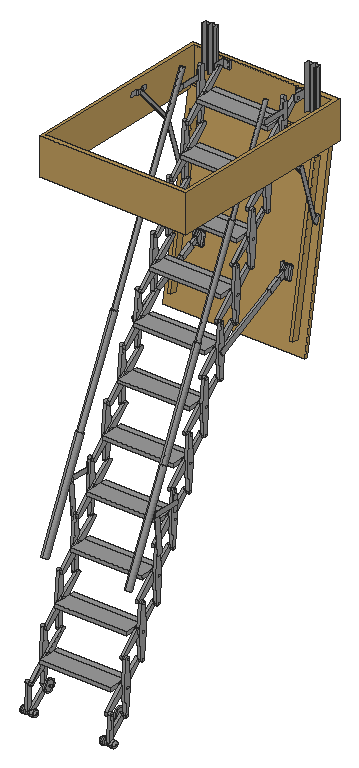
Revit family "schaartrap_XL 1000x1300mm ", category Generic Models, Revit 2019
Family settings
  Can host rebar = No
  Round Connector Dimension = Use Diameter
  Part Type = Normal
  Work Plane-Based = Yes
  Always vertical = Yes
  Cut with Voids When Loaded = No
  Shared = Yes
  Room Calculation Point = No
Parameters
  schaartrap = gietaluminium
  deksel = hout
  bovenliggende treden = yes
  URL = "https://www.gortergroup.com/nl/producten/ladders-en-trappen/schaartrappen/xl.html"
  Model = "XL 1000x1300mm"  # constant formula
  Default Elevation = 0 mm
Reference planes
  plane 1 "Center (Front/Back)": y = 0
  plane 2: z = 0
  plane 3 "Center (Left/Right)": x = 0
  plane 4: x = 246.5
  plane 5: x = -246.5
  plane 6: x = 266.5
  plane 7: x = 286.5
  plane 8: x = -266.5
  plane 9: x = -286.5
  plane 10: z = 3000.001
  plane 11: x = 342.5
  plane 12: x = -342.5
  plane 13: through (0, 138.969, 1377.523) normal (0, 0.9283, -0.3718)
  plane 14: x = 317.5
  plane 15: x = -317.5
  plane 16: x = 187
  plane 17: z = 3135.001
  plane 18: z = 3165.001
  plane 19: z = 3150.001
  plane 20: z = 3220.001
  plane 21: through (0, 138.969, 1377.523) normal (0, 0.9283, -0.3719)
  plane 22 "bk. omtimmering": z = 3250.004
  plane 23: x = 493.5
  plane 24: x = -493.5
  plane 25: x = 475
  plane 26: x = -475
  plane 27: through (63.5, 168.304, 876.399) normal (0, 0.9043, -0.4268)
  plane 28: through (-63.5, 168.304, 876.399) normal (0, -0.9043, 0.4268)
  plane 29: y = 1680.311
  plane 30: y = 390.311
  plane 31 "traplijn": through (0, 1396.149, 3118.536) normal (0, -0.9043, 0.4268)
Forms (mm)
  Extrusion 1, solid, material "gietaluminium" <- "schaartrap", not visible
    sketch origin (0, -403.664, 0) x (0, 1, 0) y (0, 0, 1)
      loop
        arc (1549.44, 902.632) -> (1535.071, 900.548) -> (1535.286, 886.03) r 11
        arc (1535.286, 886.03) -> (1600.032, 819.327) -> (1669.28, 757.308) r 1330.136
        arc (1669.28, 757.308) -> (1731.334, 708.571) -> (1796.17, 663.6) r 1330.136
        arc (1796.17, 663.6) -> (1810.539, 665.683) -> (1810.324, 680.201) r 11
        arc (1810.324, 680.201) -> (1746.045, 746.455) -> (1677.326, 808.091) r 1330.136
        arc (1677.326, 808.091) -> (1614.797, 857.275) -> (1549.44, 902.632) r 1330.136
      loop
        arc (1417.172, 1182.903) -> (1402.803, 1180.819) -> (1403.018, 1166.301) r 11
        arc (1403.018, 1166.301) -> (1467.764, 1099.597) -> (1537.012, 1037.579) r 1330.136
        arc (1537.012, 1037.579) -> (1599.067, 988.842) -> (1663.902, 943.87) r 1330.136
        arc (1663.902, 943.87) -> (1678.271, 945.954) -> (1678.056, 960.472) r 11
        arc (1678.056, 960.472) -> (1613.777, 1026.726) -> (1545.058, 1088.362) r 1330.136
        arc (1545.058, 1088.362) -> (1482.529, 1137.545) -> (1417.172, 1182.903) r 1330.136
      loop
        arc (1284.904, 1463.173) -> (1270.535, 1461.09) -> (1270.75, 1446.572) r 11
        arc (1270.75, 1446.572) -> (1335.496, 1379.868) -> (1404.744, 1317.85) r 1330.136
        arc (1404.744, 1317.85) -> (1466.799, 1269.113) -> (1531.634, 1224.141) r 1330.136
        arc (1531.634, 1224.141) -> (1546.003, 1226.225) -> (1545.788, 1240.743) r 11
        arc (1545.788, 1240.743) -> (1481.509, 1306.997) -> (1412.79, 1368.633) r 1330.136
        arc (1412.79, 1368.633) -> (1350.261, 1417.816) -> (1284.904, 1463.173) r 1330.136
      loop
        arc (1152.636, 1743.444) -> (1138.267, 1741.36) -> (1138.482, 1726.843) r 11
        arc (1138.482, 1726.843) -> (1203.228, 1660.139) -> (1272.476, 1598.12) r 1330.136
        arc (1272.476, 1598.12) -> (1334.531, 1549.383) -> (1399.366, 1504.412) r 1330.136
        arc (1399.366, 1504.412) -> (1413.735, 1506.496) -> (1413.52, 1521.013) r 11
        arc (1413.52, 1521.013) -> (1349.241, 1587.268) -> (1280.522, 1648.904) r 1330.136
        arc (1280.522, 1648.904) -> (1217.993, 1698.087) -> (1152.636, 1743.444) r 1330.136
      loop
        arc (1020.368, 2023.715) -> (1005.999, 2021.631) -> (1006.214, 2007.113) r 11
        arc (1006.214, 2007.113) -> (1070.961, 1940.41) -> (1140.208, 1878.391) r 1330.136
        arc (1140.208, 1878.391) -> (1202.263, 1829.654) -> (1267.098, 1784.683) r 1330.136
        arc (1267.098, 1784.683) -> (1281.467, 1786.766) -> (1281.253, 1801.284) r 11
        arc (1281.253, 1801.284) -> (1216.974, 1867.538) -> (1148.254, 1929.175) r 1330.136
        arc (1148.254, 1929.175) -> (1085.725, 1978.358) -> (1020.368, 2023.715) r 1330.136
      loop
        arc (888.1, 2303.986) -> (873.731, 2301.902) -> (873.946, 2287.384) r 11
        arc (873.946, 2287.384) -> (938.693, 2220.68) -> (1007.94, 2158.662) r 1330.136
        arc (1007.94, 2158.662) -> (1069.995, 2109.925) -> (1134.83, 2064.953) r 1330.136
        arc (1134.83, 2064.953) -> (1149.199, 2067.037) -> (1148.985, 2081.555) r 11
        arc (1148.985, 2081.555) -> (1084.706, 2147.809) -> (1015.986, 2209.445) r 1330.136
        arc (1015.986, 2209.445) -> (953.457, 2258.629) -> (888.1, 2303.986) r 1330.136
      loop
        arc (755.832, 2584.256) -> (741.463, 2582.173) -> (741.678, 2567.655) r 11
        arc (741.678, 2567.655) -> (806.425, 2500.951) -> (875.672, 2438.933) r 1330.136
        arc (875.672, 2438.933) -> (937.727, 2390.196) -> (1002.562, 2345.224) r 1330.136
        arc (1002.562, 2345.224) -> (1016.931, 2347.308) -> (1016.717, 2361.826) r 11
        arc (1016.717, 2361.826) -> (952.438, 2428.08) -> (883.718, 2489.716) r 1330.136
        arc (883.718, 2489.716) -> (821.189, 2538.899) -> (755.832, 2584.256) r 1330.136
      loop
        arc (623.564, 2864.527) -> (609.195, 2862.443) -> (609.41, 2847.926) r 11
        arc (609.41, 2847.926) -> (674.157, 2781.222) -> (743.404, 2719.204) r 1330.136
        arc (743.404, 2719.204) -> (805.459, 2670.467) -> (870.294, 2625.495) r 1330.136
        arc (870.294, 2625.495) -> (884.663, 2627.579) -> (884.449, 2642.097) r 11
        arc (884.449, 2642.097) -> (820.17, 2708.351) -> (751.45, 2769.987) r 1330.136
        arc (751.45, 2769.987) -> (688.922, 2819.17) -> (623.564, 2864.527) r 1330.136
      loop
        arc (491.296, 3144.798) -> (476.927, 3142.714) -> (477.142, 3128.196) r 11
        arc (477.142, 3128.196) -> (541.889, 3061.493) -> (611.136, 2999.474) r 1330.136
        arc (611.136, 2999.474) -> (673.191, 2950.737) -> (738.026, 2905.766) r 1330.136
        arc (738.026, 2905.766) -> (752.395, 2907.85) -> (752.181, 2922.367) r 11
        arc (752.181, 2922.367) -> (687.902, 2988.621) -> (619.182, 3050.258) r 1330.136
        arc (619.182, 3050.258) -> (556.654, 3099.441) -> (491.296, 3144.798) r 1330.136
      loop
        arc (359.029, 3425.069) -> (344.659, 3422.985) -> (344.874, 3408.467) r 11
        arc (344.874, 3408.467) -> (409.621, 3341.764) -> (478.868, 3279.745) r 1330.136
        arc (478.868, 3279.745) -> (540.923, 3231.008) -> (605.758, 3186.037) r 1330.136
        arc (605.758, 3186.037) -> (620.127, 3188.12) -> (619.913, 3202.638) r 11
        arc (619.913, 3202.638) -> (555.634, 3268.892) -> (486.914, 3330.528) r 1330.136
        arc (486.914, 3330.528) -> (424.386, 3379.712) -> (359.029, 3425.069) r 1330.136
      loop
        arc (226.761, 3705.34) -> (212.391, 3703.256) -> (212.606, 3688.738) r 11
        arc (212.606, 3688.738) -> (277.353, 3622.034) -> (346.6, 3560.016) r 1330.136
        arc (346.6, 3560.016) -> (408.655, 3511.279) -> (473.49, 3466.307) r 1330.136
        arc (473.49, 3466.307) -> (487.859, 3468.391) -> (487.645, 3482.909) r 11
        arc (487.645, 3482.909) -> (423.366, 3549.163) -> (354.646, 3610.799) r 1330.136
        arc (354.646, 3610.799) -> (292.118, 3659.982) -> (226.761, 3705.34) r 1330.136
      loop
        line (1668.188, 605.114) -> (1797.131, 489.824)
        arc (1797.131, 489.824) -> (1816.985, 493.85) -> (1815.105, 514.021) r 15.158
        line (1815.105, 514.021) -> (1682.442, 621.84)
        arc (1682.442, 621.84) -> (1667.337, 620.275) -> (1668.188, 605.114) r 11
    from 366 to 386
  Extrusion 2, solid, material "gietaluminium" <- "schaartrap", not visible
    sketch origin (0, -403.664, 0) x (0, 1, 0) y (0, 0, 1)
      loop
        line (1820.058, 503.509) -> (1813.167, 673.008)
        arc (1813.167, 673.008) -> (1801.98, 683.818) -> (1791.17, 672.631) r 11
        line (1791.17, 672.631) -> (1790.051, 499.467)
        arc (1790.051, 499.467) -> (1806.845, 487.867) -> (1819.963, 503.505) r 15.158
      loop
        arc (1664.827, 611.537) -> (1675.898, 602.142) -> (1686.64, 611.909) r 11
        arc (1686.64, 611.909) -> (1694.802, 783.492) -> (1680.783, 954.695) r 1330.136
        arc (1680.783, 954.695) -> (1669.712, 964.089) -> (1658.97, 954.322) r 11
        arc (1658.97, 954.322) -> (1650.808, 782.74) -> (1664.827, 611.537) r 1330.136
      loop
        arc (1532.559, 891.757) -> (1543.63, 882.363) -> (1554.373, 892.13) r 11
        arc (1554.373, 892.13) -> (1562.534, 1063.712) -> (1548.515, 1234.915) r 1330.136
        arc (1548.515, 1234.915) -> (1537.445, 1244.31) -> (1526.702, 1234.543) r 11
        arc (1526.702, 1234.543) -> (1518.54, 1062.961) -> (1532.559, 891.757) r 1330.136
      loop
        arc (1400.291, 1172.028) -> (1411.362, 1162.634) -> (1422.105, 1172.401) r 11
        arc (1422.105, 1172.401) -> (1430.266, 1343.983) -> (1416.247, 1515.186) r 1330.136
        arc (1416.247, 1515.186) -> (1405.177, 1524.581) -> (1394.434, 1514.813) r 11
        arc (1394.434, 1514.813) -> (1386.272, 1343.231) -> (1400.291, 1172.028) r 1330.136
      loop
        arc (1268.023, 1452.299) -> (1279.094, 1442.904) -> (1289.837, 1452.672) r 11
        arc (1289.837, 1452.672) -> (1297.998, 1624.254) -> (1283.979, 1795.457) r 1330.136
        arc (1283.979, 1795.457) -> (1272.909, 1804.852) -> (1262.166, 1795.084) r 11
        arc (1262.166, 1795.084) -> (1254.004, 1623.502) -> (1268.023, 1452.299) r 1330.136
      loop
        arc (1135.755, 1732.57) -> (1146.826, 1723.175) -> (1157.569, 1732.943) r 11
        arc (1157.569, 1732.943) -> (1165.73, 1904.525) -> (1151.711, 2075.728) r 1330.136
        arc (1151.711, 2075.728) -> (1140.641, 2085.122) -> (1129.898, 2075.355) r 11
        arc (1129.898, 2075.355) -> (1121.736, 1903.773) -> (1135.755, 1732.57) r 1330.136
      loop
        arc (1003.487, 2012.841) -> (1014.558, 2003.446) -> (1025.301, 2013.213) r 11
        arc (1025.301, 2013.213) -> (1033.462, 2184.795) -> (1019.443, 2355.998) r 1330.136
        arc (1019.443, 2355.998) -> (1008.373, 2365.393) -> (997.63, 2355.626) r 11
        arc (997.63, 2355.626) -> (989.468, 2184.044) -> (1003.487, 2012.841) r 1330.136
      loop
        arc (871.219, 2293.111) -> (882.29, 2283.717) -> (893.033, 2293.484) r 11
        arc (893.033, 2293.484) -> (901.194, 2465.066) -> (887.175, 2636.269) r 1330.136
        arc (887.175, 2636.269) -> (876.105, 2645.664) -> (865.362, 2635.897) r 11
        arc (865.362, 2635.897) -> (857.2, 2464.314) -> (871.219, 2293.111) r 1330.136
      loop
        arc (738.951, 2573.382) -> (750.022, 2563.988) -> (760.765, 2573.755) r 11
        arc (760.765, 2573.755) -> (768.926, 2745.337) -> (754.907, 2916.54) r 1330.136
        arc (754.907, 2916.54) -> (743.837, 2925.935) -> (733.094, 2916.167) r 11
        arc (733.094, 2916.167) -> (724.932, 2744.585) -> (738.951, 2573.382) r 1330.136
      loop
        arc (606.683, 2853.653) -> (617.754, 2844.258) -> (628.497, 2854.026) r 11
        arc (628.497, 2854.026) -> (636.658, 3025.608) -> (622.639, 3196.811) r 1330.136
        arc (622.639, 3196.811) -> (611.569, 3206.205) -> (600.826, 3196.438) r 11
        arc (600.826, 3196.438) -> (592.665, 3024.856) -> (606.683, 2853.653) r 1330.136
      loop
        arc (474.415, 3133.924) -> (485.486, 3124.529) -> (496.229, 3134.296) r 11
        arc (496.229, 3134.296) -> (504.39, 3305.879) -> (490.371, 3477.082) r 1330.136
        arc (490.371, 3477.082) -> (479.301, 3486.476) -> (468.558, 3476.709) r 11
        arc (468.558, 3476.709) -> (460.397, 3305.127) -> (474.415, 3133.924) r 1330.136
      loop
        arc (342.148, 3414.194) -> (353.218, 3404.8) -> (363.961, 3414.567) r 11
        arc (363.961, 3414.567) -> (372.122, 3586.149) -> (358.103, 3757.352) r 1330.136
        arc (358.103, 3757.352) -> (347.033, 3766.747) -> (336.29, 3756.98) r 11
        arc (336.29, 3756.98) -> (328.129, 3585.398) -> (342.148, 3414.194) r 1330.136
    from 386 to 406
  Extrusion 3, solid, material "gietaluminium" <- "schaartrap"
    sketch origin (0, 1421.409, -482.845) x (0, -1, 0) y (0, 0, -1)
      loop
        line (1227.599, -800.881) -> (1347.94, -798.673) -> (1347.499, -774.677) -> (1291.247, -775.709) -> (1190.526, -777.557) -> (1190.966, -801.553) -> (1227.599, -800.881)
      loop
        line (1095.331, -1081.152) -> (1215.672, -1078.944) -> (1215.232, -1054.948) -> (1158.979, -1055.98) -> (1058.258, -1057.828) -> (1058.698, -1081.823) -> (1095.331, -1081.152)
      loop
        line (963.063, -1361.422) -> (1083.404, -1359.214) -> (1082.964, -1335.219) -> (1026.711, -1336.25) -> (925.99, -1338.098) -> (926.43, -1362.094) -> (963.063, -1361.422)
      loop
        line (830.796, -1641.693) -> (951.136, -1639.485) -> (950.696, -1615.489) -> (894.443, -1616.521) -> (793.722, -1618.369) -> (794.162, -1642.365) -> (830.796, -1641.693)
      loop
        line (698.528, -1921.964) -> (818.868, -1919.756) -> (818.428, -1895.76) -> (762.175, -1896.792) -> (661.454, -1898.64) -> (661.894, -1922.636) -> (698.528, -1921.964)
      loop
        line (566.26, -2202.235) -> (686.6, -2200.027) -> (686.16, -2176.031) -> (629.907, -2177.063) -> (529.186, -2178.911) -> (529.626, -2202.907) -> (566.26, -2202.235)
      loop
        line (433.992, -2482.505) -> (554.332, -2480.297) -> (553.892, -2456.302) -> (497.639, -2457.333) -> (396.918, -2459.181) -> (397.358, -2483.177) -> (433.992, -2482.505)
      loop
        line (301.724, -2762.776) -> (422.064, -2760.568) -> (421.624, -2736.572) -> (365.371, -2737.604) -> (264.65, -2739.452) -> (265.09, -2763.448) -> (301.724, -2762.776)
      loop
        line (169.456, -3043.047) -> (289.796, -3040.839) -> (289.356, -3016.843) -> (233.103, -3017.875) -> (132.382, -3019.723) -> (132.822, -3043.719) -> (169.456, -3043.047)
      loop
        line (37.188, -3323.318) -> (157.528, -3321.11) -> (157.088, -3297.114) -> (100.835, -3298.146) -> (0.114, -3299.994) -> (0.555, -3323.99) -> (37.188, -3323.318)
      loop
        line (-95.08, -3603.588) -> (25.26, -3601.381) -> (24.82, -3577.385) -> (-31.433, -3578.417) -> (-132.154, -3580.265) -> (-131.713, -3604.26) -> (-95.08, -3603.588)
    from -240 to 240
  Extrusion 4, solid, material "gietaluminium" <- "schaartrap"
    sketch origin (119.5, 1825.073, -482.845) x (0, -1, 0) y (0, 0, 1)
      loop
        arc (1549.44, 902.632) -> (1535.071, 900.548) -> (1535.286, 886.03) r 11
        arc (1535.286, 886.03) -> (1600.032, 819.327) -> (1669.28, 757.308) r 1330.136
        arc (1669.28, 757.308) -> (1731.334, 708.571) -> (1796.17, 663.6) r 1330.136
        arc (1796.17, 663.6) -> (1810.539, 665.683) -> (1810.324, 680.201) r 11
        arc (1810.324, 680.201) -> (1746.045, 746.455) -> (1677.326, 808.091) r 1330.136
        arc (1677.326, 808.091) -> (1614.797, 857.275) -> (1549.44, 902.632) r 1330.136
      loop
        arc (1417.172, 1182.903) -> (1402.803, 1180.819) -> (1403.018, 1166.301) r 11
        arc (1403.018, 1166.301) -> (1467.764, 1099.597) -> (1537.012, 1037.579) r 1330.136
        arc (1537.012, 1037.579) -> (1599.067, 988.842) -> (1663.902, 943.87) r 1330.136
        arc (1663.902, 943.87) -> (1678.271, 945.954) -> (1678.056, 960.472) r 11
        arc (1678.056, 960.472) -> (1613.777, 1026.726) -> (1545.058, 1088.362) r 1330.136
        arc (1545.058, 1088.362) -> (1482.529, 1137.545) -> (1417.172, 1182.903) r 1330.136
      loop
        arc (1284.904, 1463.173) -> (1270.535, 1461.09) -> (1270.75, 1446.572) r 11
        arc (1270.75, 1446.572) -> (1335.496, 1379.868) -> (1404.744, 1317.85) r 1330.136
        arc (1404.744, 1317.85) -> (1466.799, 1269.113) -> (1531.634, 1224.141) r 1330.136
        arc (1531.634, 1224.141) -> (1546.003, 1226.225) -> (1545.788, 1240.743) r 11
        arc (1545.788, 1240.743) -> (1481.509, 1306.997) -> (1412.79, 1368.633) r 1330.136
        arc (1412.79, 1368.633) -> (1350.261, 1417.816) -> (1284.904, 1463.173) r 1330.136
      loop
        arc (1152.636, 1743.444) -> (1138.267, 1741.36) -> (1138.482, 1726.843) r 11
        arc (1138.482, 1726.843) -> (1203.228, 1660.139) -> (1272.476, 1598.12) r 1330.136
        arc (1272.476, 1598.12) -> (1334.531, 1549.383) -> (1399.366, 1504.412) r 1330.136
        arc (1399.366, 1504.412) -> (1413.735, 1506.496) -> (1413.52, 1521.013) r 11
        arc (1413.52, 1521.013) -> (1349.241, 1587.268) -> (1280.522, 1648.904) r 1330.136
        arc (1280.522, 1648.904) -> (1217.993, 1698.087) -> (1152.636, 1743.444) r 1330.136
      loop
        arc (1020.368, 2023.715) -> (1005.999, 2021.631) -> (1006.214, 2007.113) r 11
        arc (1006.214, 2007.113) -> (1070.961, 1940.41) -> (1140.208, 1878.391) r 1330.136
        arc (1140.208, 1878.391) -> (1202.263, 1829.654) -> (1267.098, 1784.683) r 1330.136
        arc (1267.098, 1784.683) -> (1281.467, 1786.766) -> (1281.253, 1801.284) r 11
        arc (1281.253, 1801.284) -> (1216.974, 1867.538) -> (1148.254, 1929.175) r 1330.136
        arc (1148.254, 1929.175) -> (1085.725, 1978.358) -> (1020.368, 2023.715) r 1330.136
      loop
        arc (888.1, 2303.986) -> (873.731, 2301.902) -> (873.946, 2287.384) r 11
        arc (873.946, 2287.384) -> (938.693, 2220.68) -> (1007.94, 2158.662) r 1330.136
        arc (1007.94, 2158.662) -> (1069.995, 2109.925) -> (1134.83, 2064.953) r 1330.136
        arc (1134.83, 2064.953) -> (1149.199, 2067.037) -> (1148.985, 2081.555) r 11
        arc (1148.985, 2081.555) -> (1084.706, 2147.809) -> (1015.986, 2209.445) r 1330.136
        arc (1015.986, 2209.445) -> (953.457, 2258.629) -> (888.1, 2303.986) r 1330.136
      loop
        arc (755.832, 2584.256) -> (741.463, 2582.173) -> (741.678, 2567.655) r 11
        arc (741.678, 2567.655) -> (806.425, 2500.951) -> (875.672, 2438.933) r 1330.136
        arc (875.672, 2438.933) -> (937.727, 2390.196) -> (1002.562, 2345.224) r 1330.136
        arc (1002.562, 2345.224) -> (1016.931, 2347.308) -> (1016.717, 2361.826) r 11
        arc (1016.717, 2361.826) -> (952.438, 2428.08) -> (883.718, 2489.716) r 1330.136
        arc (883.718, 2489.716) -> (821.189, 2538.899) -> (755.832, 2584.256) r 1330.136
      loop
        arc (623.564, 2864.527) -> (609.195, 2862.443) -> (609.41, 2847.926) r 11
        arc (609.41, 2847.926) -> (674.157, 2781.222) -> (743.404, 2719.204) r 1330.136
        arc (743.404, 2719.204) -> (805.459, 2670.467) -> (870.294, 2625.495) r 1330.136
        arc (870.294, 2625.495) -> (884.663, 2627.579) -> (884.449, 2642.097) r 11
        arc (884.449, 2642.097) -> (820.17, 2708.351) -> (751.45, 2769.987) r 1330.136
        arc (751.45, 2769.987) -> (688.922, 2819.17) -> (623.564, 2864.527) r 1330.136
      loop
        arc (491.296, 3144.798) -> (476.927, 3142.714) -> (477.142, 3128.196) r 11
        arc (477.142, 3128.196) -> (541.889, 3061.493) -> (611.136, 2999.474) r 1330.136
        arc (611.136, 2999.474) -> (673.191, 2950.737) -> (738.026, 2905.766) r 1330.136
        arc (738.026, 2905.766) -> (752.395, 2907.85) -> (752.181, 2922.367) r 11
        arc (752.181, 2922.367) -> (687.902, 2988.621) -> (619.182, 3050.258) r 1330.136
        arc (619.182, 3050.258) -> (556.654, 3099.441) -> (491.296, 3144.798) r 1330.136
      loop
        arc (359.029, 3425.069) -> (344.659, 3422.985) -> (344.874, 3408.467) r 11
        arc (344.874, 3408.467) -> (409.621, 3341.764) -> (478.868, 3279.745) r 1330.136
        arc (478.868, 3279.745) -> (540.923, 3231.008) -> (605.758, 3186.037) r 1330.136
        arc (605.758, 3186.037) -> (620.127, 3188.12) -> (619.913, 3202.638) r 11
        arc (619.913, 3202.638) -> (555.634, 3268.892) -> (486.914, 3330.528) r 1330.136
        arc (486.914, 3330.528) -> (424.386, 3379.712) -> (359.029, 3425.069) r 1330.136
      loop
        arc (226.761, 3705.34) -> (212.391, 3703.256) -> (212.606, 3688.738) r 11
        arc (212.606, 3688.738) -> (277.353, 3622.034) -> (346.6, 3560.016) r 1330.136
        arc (346.6, 3560.016) -> (408.655, 3511.279) -> (473.49, 3466.307) r 1330.136
        arc (473.49, 3466.307) -> (487.859, 3468.391) -> (487.645, 3482.909) r 11
        arc (487.645, 3482.909) -> (423.366, 3549.163) -> (354.646, 3610.799) r 1330.136
        arc (354.646, 3610.799) -> (292.118, 3659.982) -> (226.761, 3705.34) r 1330.136
      loop
        line (1668.188, 605.114) -> (1797.131, 489.824)
        arc (1797.131, 489.824) -> (1816.985, 493.85) -> (1815.105, 514.021) r 15.158
        line (1815.105, 514.021) -> (1682.442, 621.84)
        arc (1682.442, 621.84) -> (1667.337, 620.275) -> (1668.188, 605.114) r 11
    from 366 to 386
  Extrusion 5, solid, material "gietaluminium" <- "schaartrap"
    sketch origin (119.5, 1825.073, -482.845) x (0, -1, 0) y (0, 0, 1)
      loop
        line (1820.058, 503.509) -> (1813.167, 673.008)
        arc (1813.167, 673.008) -> (1801.98, 683.818) -> (1791.17, 672.631) r 11
        line (1791.17, 672.631) -> (1790.051, 499.467)
        arc (1790.051, 499.467) -> (1806.845, 487.867) -> (1819.963, 503.505) r 15.158
      loop
        arc (1664.827, 611.537) -> (1675.898, 602.142) -> (1686.64, 611.909) r 11
        arc (1686.64, 611.909) -> (1694.802, 783.492) -> (1680.783, 954.695) r 1330.136
        arc (1680.783, 954.695) -> (1669.712, 964.089) -> (1658.97, 954.322) r 11
        arc (1658.97, 954.322) -> (1650.808, 782.74) -> (1664.827, 611.537) r 1330.136
      loop
        arc (1532.559, 891.757) -> (1543.63, 882.363) -> (1554.373, 892.13) r 11
        arc (1554.373, 892.13) -> (1562.534, 1063.712) -> (1548.515, 1234.915) r 1330.136
        arc (1548.515, 1234.915) -> (1537.445, 1244.31) -> (1526.702, 1234.543) r 11
        arc (1526.702, 1234.543) -> (1518.54, 1062.961) -> (1532.559, 891.757) r 1330.136
      loop
        arc (1400.291, 1172.028) -> (1411.362, 1162.634) -> (1422.105, 1172.401) r 11
        arc (1422.105, 1172.401) -> (1430.266, 1343.983) -> (1416.247, 1515.186) r 1330.136
        arc (1416.247, 1515.186) -> (1405.177, 1524.581) -> (1394.434, 1514.813) r 11
        arc (1394.434, 1514.813) -> (1386.272, 1343.231) -> (1400.291, 1172.028) r 1330.136
      loop
        arc (1268.023, 1452.299) -> (1279.094, 1442.904) -> (1289.837, 1452.672) r 11
        arc (1289.837, 1452.672) -> (1297.998, 1624.254) -> (1283.979, 1795.457) r 1330.136
        arc (1283.979, 1795.457) -> (1272.909, 1804.852) -> (1262.166, 1795.084) r 11
        arc (1262.166, 1795.084) -> (1254.004, 1623.502) -> (1268.023, 1452.299) r 1330.136
      loop
        arc (1135.755, 1732.57) -> (1146.826, 1723.175) -> (1157.569, 1732.943) r 11
        arc (1157.569, 1732.943) -> (1165.73, 1904.525) -> (1151.711, 2075.728) r 1330.136
        arc (1151.711, 2075.728) -> (1140.641, 2085.122) -> (1129.898, 2075.355) r 11
        arc (1129.898, 2075.355) -> (1121.736, 1903.773) -> (1135.755, 1732.57) r 1330.136
      loop
        arc (1003.487, 2012.841) -> (1014.558, 2003.446) -> (1025.301, 2013.213) r 11
        arc (1025.301, 2013.213) -> (1033.462, 2184.795) -> (1019.443, 2355.998) r 1330.136
        arc (1019.443, 2355.998) -> (1008.373, 2365.393) -> (997.63, 2355.626) r 11
        arc (997.63, 2355.626) -> (989.468, 2184.044) -> (1003.487, 2012.841) r 1330.136
      loop
        arc (871.219, 2293.111) -> (882.29, 2283.717) -> (893.033, 2293.484) r 11
        arc (893.033, 2293.484) -> (901.194, 2465.066) -> (887.175, 2636.269) r 1330.136
        arc (887.175, 2636.269) -> (876.105, 2645.664) -> (865.362, 2635.897) r 11
        arc (865.362, 2635.897) -> (857.2, 2464.314) -> (871.219, 2293.111) r 1330.136
      loop
        arc (738.951, 2573.382) -> (750.022, 2563.988) -> (760.765, 2573.755) r 11
        arc (760.765, 2573.755) -> (768.926, 2745.337) -> (754.907, 2916.54) r 1330.136
        arc (754.907, 2916.54) -> (743.837, 2925.935) -> (733.094, 2916.167) r 11
        arc (733.094, 2916.167) -> (724.932, 2744.585) -> (738.951, 2573.382) r 1330.136
      loop
        arc (606.683, 2853.653) -> (617.754, 2844.258) -> (628.497, 2854.026) r 11
        arc (628.497, 2854.026) -> (636.658, 3025.608) -> (622.639, 3196.811) r 1330.136
        arc (622.639, 3196.811) -> (611.569, 3206.205) -> (600.826, 3196.438) r 11
        arc (600.826, 3196.438) -> (592.665, 3024.856) -> (606.683, 2853.653) r 1330.136
      loop
        arc (474.415, 3133.924) -> (485.486, 3124.529) -> (496.229, 3134.296) r 11
        arc (496.229, 3134.296) -> (504.39, 3305.879) -> (490.371, 3477.082) r 1330.136
        arc (490.371, 3477.082) -> (479.301, 3486.476) -> (468.558, 3476.709) r 11
        arc (468.558, 3476.709) -> (460.397, 3305.127) -> (474.415, 3133.924) r 1330.136
      loop
        arc (342.148, 3414.194) -> (353.218, 3404.8) -> (363.961, 3414.567) r 11
        arc (363.961, 3414.567) -> (372.122, 3586.149) -> (358.103, 3757.352) r 1330.136
        arc (358.103, 3757.352) -> (347.033, 3766.747) -> (336.29, 3756.98) r 11
        arc (336.29, 3756.98) -> (328.129, 3585.398) -> (342.148, 3414.194) r 1330.136
    from 386 to 406
  Extrusion 6, solid, material "hout" <- "deksel"
    sketch origin (0, 566.635, 0) x (0, 1, 0) y (0, 0, 1)
      loop
        line (1077.952, 3020.862) -> (1058.256, 3024.335) -> (841.89, 1797.265) -> (861.586, 1793.792) -> (1077.952, 3020.862)
    from -475 to 475
  Sweep 7, solid, material "hout" <- "deksel"
    path origin (0, 0, 3250.004) x (0, 1, 0) y (-1, 0, 0)
      loop
        line (1680.311, 493.5) -> (390.311, 493.5) -> (390.311, -493.5) -> (1680.311, -493.5) -> (1680.311, 493.5)
    profile origin (0, 1680.311, 3250.004) x (0, 1, 0) y (0, 0, 1)
      loop
        line (0, 0) -> (-24, 0) -> (-24, -250.003) -> (0, -250.003) -> (0, 0)
  Sweep 8, solid, material "gietaluminium" <- "schaartrap", not visible
    path origin (216.86, 0, 0) x (0, 1, 0) y (0, 0, 1)
      loop
        line (138.969, 1377.523) -> (396.642, 2020.838)
    profile origin (216.86, 267.806, 1699.18) x (0, -0.928304, 0.371822) y (1, 0, 0)
      loop
        circle (0, 0) r 20
  Sweep 9, solid, material "gietaluminium" <- "schaartrap", not visible
    path origin (216.86, 219.747, 548.628) x (0, 1, 0) y (0, 0, 1)
      loop
        line (176.895, 1472.21) -> (427.931, 2098.957)
    profile origin (216.86, 522.16, 2334.211) x (0, -0.928304, 0.371822) y (1, 0, 0)
      loop
        circle (0, 0) r 17.5
  Sweep 10, solid, material "gietaluminium" <- "schaartrap", not visible
    path origin (216.86, 407.566, 1017.546) x (0, 1, 0) y (0, 0, 1)
      loop
        line (240.112, 1630.039) -> (491.984, 2258.873)
    profile origin (216.86, 773.614, 2962.002) x (0, -0.928304, 0.371822) y (1, 0, 0)
      loop
        circle (0, 0) r 15
  Sweep 11, solid, material "gietaluminium" <- "schaartrap", not visible
    path origin (216.86, 594.62, 1484.55) x (0, 1, 0) y (0, 0, 1)
      loop
        line (304.931, 1791.869) -> (552.506, 2409.973)
    profile origin (216.86, 1023.338, 3585.471) x (0, -0.928304, 0.371822) y (1, 0, 0)
      loop
        circle (0, 0) r 12.5
  Extrusion 12, solid, material "gietaluminium" <- "schaartrap", not visible
    sketch origin (0, -50.628, 204.246) x (0, 0.996961, -0.077898) y (0, 0.077898, 0.996961)
      loop
        line (257, 1578.327) -> (319.569, 1325.967)
        arc (319.569, 1325.967) -> (335.331, 1324.724) -> (348.687, 1333.187) r 25
        line (348.687, 1333.187) -> (286.119, 1585.546)
        arc (286.119, 1585.546) -> (270.356, 1586.789) -> (257, 1578.327) r 25
    from 228 to 223
  Extrusion 13, solid, material "gietaluminium" <- "schaartrap", not visible
    sketch origin (0, -50.634, 204.274) x (0, 0.996961, -0.077898) y (0, 0.077898, 0.996961)
      loop
        line (435.226, 1611.925) -> (260.054, 1590.65)
        arc (260.054, 1590.65) -> (257.872, 1575.275) -> (263.671, 1560.869) r 30
        line (263.671, 1560.869) -> (438.843, 1582.144)
        arc (438.843, 1582.144) -> (441.025, 1597.519) -> (435.226, 1611.925) r 30
    from 228 to 233
  Extrusion 14, solid, material "gietaluminium" <- "schaartrap", not visible
    sketch origin (0, -50.634, 204.274) x (0, 0.996961, -0.077898) y (0, 0.077898, 0.996961)
      loop
        arc (417.587, 1545.835) -> (432.962, 1543.654) -> (447.368, 1549.452) r 30
        line (447.368, 1549.452) -> (435.678, 1645.707)
        arc (435.678, 1645.707) -> (420.302, 1647.888) -> (405.896, 1642.09) r 30
        line (405.896, 1642.09) -> (417.587, 1545.835)
    from 223 to 228
  Extrusion 15, solid, material "gietaluminium" <- "schaartrap", not visible
    sketch origin (0, 71.389, 178.233) x (0, 1, 0) y (0, 0, 1)
      loop
        line (280.038, 1590.328) -> (244.48, 1604.57) -> (233.326, 1576.721) -> (269.458, 1562.249)
        arc (269.458, 1562.249) -> (279.429, 1574.524) -> (280.038, 1590.328) r 25
    from 218 to 223
  Extrusion 16, solid, material "gietaluminium" <- "schaartrap", not visible
    sketch origin (183, 1712.893, 1085.205) x (0, 0.901472, 0.432836) y (0, -0.432836, 0.901472)
      loop
        line (-892.401, 2220.854) -> (-520.632, 1758.099) -> (-497.244, 1776.888) -> (-868.489, 2238.989)
        arc (-868.489, 2238.989) -> (-883.175, 2233.522) -> (-892.401, 2220.854) r 27.177
      loop
        circle (-518.333, 1779.187) r 5.25
      loop
        circle (-530.859, 1794.779) r 5.25
      loop
        circle (-543.385, 1810.37) r 5.25
    from 223 to 238
  Extrusion 17, solid, material "gietaluminium" <- "schaartrap", not visible
    sketch origin (183, 1794.725, 1175.951) x (0, 0.901472, 0.432836) y (0, -0.432836, 0.901472)
      loop
        line (-973.518, 2130.732) -> (-917.151, 2060.57) -> (-889.866, 2082.49) -> (-946.233, 2152.653) -> (-973.518, 2130.732)
    from 220 to 241
  Extrusion 18, solid, material "gietaluminium" <- "schaartrap", not visible
    sketch origin (183, 834.815, 488.408) x (0, 1, 0) y (0, 0, 1)
      loop
        line (-897.768, 2267.866) -> (-882.779, 2182.859) -> (-864.873, 2221.083)
        arc (-864.873, 2221.083) -> (-863.528, 2228.913) -> (-866.371, 2236.332) r 15
        line (-866.371, 2236.332) -> (-867.868, 2238.071) -> (-897.768, 2267.866)
      loop
        circle (-878.456, 2227.446) r 4
    from 238 to 246
  Extrusion 19, solid, material "gietaluminium" <- "schaartrap", not visible
    sketch origin (160, 830.847, 488.408) x (0, 1, 0) y (0, 0, 1)
      loop
        line (-893.8, 2267.866) -> (-878.811, 2182.859) -> (-860.905, 2221.083)
        arc (-860.905, 2221.083) -> (-859.56, 2228.913) -> (-862.403, 2236.332) r 15
        line (-862.403, 2236.332) -> (-863.9, 2238.071) -> (-893.8, 2267.866)
      loop
        circle (-874.488, 2227.446) r 4
    from 238 to 246
  Extrusion 20, solid, material "gietaluminium" <- "schaartrap"
    sketch origin (-63.5, -291.484, 602.36) x (0, -0.901472, 0.432836) y (0, 0.432836, 0.901472)
      loop
        line (-892.401, 2220.854) -> (-520.632, 1758.099) -> (-497.244, 1776.888) -> (-868.489, 2238.989)
        arc (-868.489, 2238.989) -> (-883.175, 2233.522) -> (-892.401, 2220.854) r 27.177
      loop
        circle (-518.333, 1779.187) r 5.25
      loop
        circle (-530.859, 1794.779) r 5.25
      loop
        circle (-543.385, 1810.37) r 5.25
    from 223 to 238
  Extrusion 21, solid, material "gietaluminium" <- "schaartrap"
    sketch origin (-63.5, -373.316, 693.106) x (0, -0.901472, 0.432836) y (0, 0.432836, 0.901472)
      loop
        line (-973.518, 2130.732) -> (-917.151, 2060.57) -> (-889.866, 2082.49) -> (-946.233, 2152.653) -> (-973.518, 2130.732)
    from 220 to 241
  Extrusion 22, solid, material "gietaluminium" <- "schaartrap"
    sketch origin (-63.5, 586.594, 5.563) x (0, -1, 0) y (0, 0, 1)
      loop
        line (-897.768, 2267.866) -> (-882.779, 2182.859) -> (-864.873, 2221.083)
        arc (-864.873, 2221.083) -> (-863.528, 2228.913) -> (-866.371, 2236.332) r 15
        line (-866.371, 2236.332) -> (-867.868, 2238.071) -> (-897.768, 2267.866)
      loop
        circle (-878.456, 2227.446) r 4
    from 238 to 246
  Extrusion 23, solid, material "gietaluminium" <- "schaartrap"
    sketch origin (-40.5, 590.562, 5.563) x (0, -1, 0) y (0, 0, 1)
      loop
        line (-893.8, 2267.866) -> (-878.811, 2182.859) -> (-860.905, 2221.083)
        arc (-860.905, 2221.083) -> (-859.56, 2228.913) -> (-862.403, 2236.332) r 15
        line (-862.403, 2236.332) -> (-863.9, 2238.071) -> (-893.8, 2267.866)
      loop
        circle (-874.488, 2227.446) r 4
    from 238 to 246
  Extrusion 24, solid, material "gietaluminium" <- "schaartrap"
    sketch origin (94, 1537.895, 2530.958) x (0, 0.173648, 0.984808) y (-1, 0, 0)
      loop
        line (-259.153, 362.5) -> (-259.153, 413.5)
        arc (-259.153, 413.5) -> (-262.082, 420.571) -> (-269.153, 423.5) r 10
        line (-269.153, 423.5) -> (-342.991, 423.5)
        arc (-342.991, 423.5) -> (-350.062, 420.571) -> (-352.991, 413.5) r 10
        line (-352.991, 413.5) -> (-352.991, 362.5)
        arc (-352.991, 362.5) -> (-350.062, 355.429) -> (-342.991, 352.5) r 10
        line (-342.991, 352.5) -> (-269.153, 352.5)
        arc (-269.153, 352.5) -> (-262.082, 355.429) -> (-259.153, 362.5) r 10
    from 0 to 8
  Extrusion 25, void
    sketch origin (0, 591.599, 28.273) x (0, 1, 0) y (0, 0, 1)
      loop
        circle (557.712, 3150.001) r 3.25
      loop
        circle (639.712, 3150.001) r 3.25
    from -536.982 to 549.948
  Extrusion 26, void
    sketch origin (0, 578.044, 0) x (0, 1, 0) y (0, 0, 1)
      loop
        circle (612.702, 3177.679) r 3.25
      loop
        circle (840.119, 2912.599) r 4
    from -536.982 to 549.948
  Extrusion 27, solid, material "gietaluminium" <- "schaartrap"
    sketch origin (-63.5, 1421.409, -482.845) x (0, -1, 0) y (0, 0, 1)
      loop
        circle (1269.141, 783.116) r 21
      loop
        circle (1136.873, 1063.386) r 21
      loop
        circle (1004.605, 1343.657) r 21
      loop
        circle (872.337, 1623.928) r 21
      loop
        circle (740.069, 1904.199) r 21
      loop
        circle (607.801, 2184.47) r 21
      loop
        circle (475.533, 2464.94) r 21
      loop
        circle (343.265, 2745.011) r 21
      loop
        circle (210.997, 3025.282) r 21
      loop
        circle (78.729, 3305.553) r 21
      loop
        circle (-53.538, 3585.823) r 21
    from 183 to 180
  Extrusion 28, solid, material "gietaluminium" <- "schaartrap", not visible
    sketch origin (183, 0, 0) x (0, 1, 0) y (0, 0, 1)
      loop
        circle (1269.141, 783.116) r 21
      loop
        circle (1136.873, 1063.386) r 21
      loop
        circle (1004.605, 1343.657) r 21
      loop
        circle (872.337, 1623.928) r 21
      loop
        circle (740.069, 1904.199) r 21
      loop
        circle (607.801, 2184.47) r 21
      loop
        circle (475.533, 2464.94) r 21
      loop
        circle (343.265, 2745.011) r 21
      loop
        circle (210.997, 3025.282) r 21
      loop
        circle (78.729, 3305.553) r 21
      loop
        circle (-53.538, 3585.823) r 21
    from 183 to 180
  Extrusion 29, void
    sketch origin (0, 592.23, 110.097) x (0, 1, 0) y (0, 0, 1)
      loop
        circle (1012.7, 3103.203) r 5.05
    from -270.5 to 270.5
  Extrusion 30, void
    sketch origin (0, 582.189, -30) x (0, 1, 0) y (0, 0, 1)
      loop
        line (1022.741, 3270.001) -> (994.712, 3270.001) -> (994.712, 3220.001) -> (1022.741, 3220.001)
        arc (1022.741, 3220.001) -> (997.741, 3245.001) -> (1022.741, 3270.001) r 25
    from -270.5 to 270.5
  Extrusion 31, void
    sketch origin (93.5, 591.599, -30.761) x (0, 1, 0) y (0, 0, -1)
      loop
        circle (1047.17, -3434.035) r 5.25
      loop
        circle (1047.17, -3414.035) r 5.25
      loop
        circle (1047.17, -3394.035) r 5.25
      loop
        circle (1047.17, -3374.035) r 5.25
      loop
        circle (1047.17, -3354.035) r 5.25
      loop
        circle (1047.17, -3334.035) r 5.25
      loop
        circle (1047.17, -3314.035) r 5.25
      loop
        circle (1047.17, -3294.035) r 5.25
      loop
        circle (1047.17, -3274.035) r 5.25
      loop
        circle (1047.17, -3254.035) r 5.25
      loop
        circle (1047.17, -3234.035) r 5.25
      loop
        circle (1047.17, -3214.035) r 5.25
      loop
        circle (1047.17, -3194.035) r 5.25
      loop
        circle (1047.17, -3174.035) r 5.25
      loop
        line (1040.712, -3159.035) -> (1040.712, -3153.033) -> (1026.715, -3153.033) -> (1026.715, -3168.033) -> (1031.715, -3168.033)
        arc (1031.715, -3168.033) -> (1034.35, -3161.67) -> (1040.712, -3159.035) r 8.998
    from -292.5 to -252.5
  Extrusion 32, solid, material "gietaluminium" <- "schaartrap"
    sketch origin (4915.985, -1824.018, 78.273) x (-1, 0, 0) y (0, -1, 0)
      loop
        arc (4529.985, -3475.327) -> (4530.864, -3477.45) -> (4532.986, -3478.329) r 3.001
        line (4532.986, -3478.329) -> (4566.985, -3478.329)
        arc (4566.985, -3478.329) -> (4569.106, -3477.45) -> (4569.985, -3475.329) r 3
        line (4569.985, -3475.329) -> (4569.985, -3448.329) -> (4567.985, -3448.329) -> (4567.985, -3475.329)
        arc (4567.985, -3475.329) -> (4567.692, -3476.036) -> (4566.985, -3476.329) r 1
        line (4566.985, -3476.329) -> (4532.986, -3476.329)
        arc (4532.986, -3476.329) -> (4532.278, -3476.035) -> (4531.985, -3475.327) r 1.001
        line (4531.985, -3475.327) -> (4531.985, -3448.329) -> (4529.985, -3448.329) -> (4529.985, -3475.327)
    from 3050.001 to 3350.001
  Extrusion 33, solid, material "gietaluminium" <- "schaartrap"
    sketch origin (126.5, 60.366, -16.741) x (0, -1, 0) y (0, 0, 1)
      loop
        arc (-64.83, 115.163) -> (-50.666, 158.467) -> (-86.234, 186.941) r 40
        arc (-86.234, 186.941) -> (-127.33, 135.606) -> (-64.83, 115.163) r 40
      loop
        arc (-67.678, 116.796) -> (-53.579, 157.739) -> (-87.993, 184.023) r 37
        arc (-87.993, 184.023) -> (-124.416, 136.334) -> (-67.678, 116.796) r 37
    from 359 to 370
  Extrusion 34, solid, material "gietaluminium" <- "schaartrap"
    sketch origin (-63.5, 60.366, -16.741) x (0, -1, 0) y (0, 0, 1)
      loop
        arc (-87.993, 184.023) -> (-124.416, 136.334) -> (-67.678, 116.796) r 37
        arc (-67.678, 116.796) -> (-53.579, 157.739) -> (-87.993, 184.023) r 37
    from 173 to 176.5
  Extrusion 35, solid, material "gietaluminium" <- "schaartrap"
    sketch origin (-581.5, 60.366, -16.741) x (0, -1, 0) y (0, 0, -1)
      loop
        circle (-88.998, -147.037) r 5
    from 359 to 335
  Extrusion 36, solid, material "gietaluminium" <- "schaartrap", not visible
    sketch origin (-7, 1361.043, 466.104) x (0, 1, 0) y (0, 0, 1)
      loop
        arc (-64.83, 115.163) -> (-50.666, 158.467) -> (-86.234, 186.941) r 40
        arc (-86.234, 186.941) -> (-127.33, 135.606) -> (-64.83, 115.163) r 40
      loop
        arc (-67.678, 116.796) -> (-53.579, 157.739) -> (-87.993, 184.023) r 37
        arc (-87.993, 184.023) -> (-124.416, 136.334) -> (-67.678, 116.796) r 37
    from 359 to 370
  Extrusion 37, solid, material "gietaluminium" <- "schaartrap", not visible
    sketch origin (183, 1361.043, 466.104) x (0, 1, 0) y (0, 0, 1)
      loop
        arc (-87.993, 184.023) -> (-124.416, 136.334) -> (-67.678, 116.796) r 37
        arc (-67.678, 116.796) -> (-53.579, 157.739) -> (-87.993, 184.023) r 37
    from 173 to 176.5
  Extrusion 38, solid, material "gietaluminium" <- "schaartrap", not visible
    sketch origin (701, 1361.043, 466.104) x (0, 1, 0) y (0, 0, -1)
      loop
        circle (-88.998, -147.037) r 5
    from 359 to 335
  Extrusion 39, solid, material "gietaluminium" <- "schaartrap"
    sketch origin (119.5, 1875.073, -482.845) x (0, -1, 0) y (0, 0, 1)
      loop
        circle (1725.71, 613.19) r 5.05
      loop
        circle (1852.168, 672.82) r 5.05
      loop
        circle (1722.805, 783.116) r 5.05
      loop
        circle (1593.442, 893.411) r 5.05
      loop
        circle (1719.9, 953.091) r 5.05
      loop
        circle (1590.537, 1063.386) r 5.05
      loop
        circle (1461.174, 1173.682) r 5.05
      loop
        circle (1587.632, 1233.362) r 5.05
      loop
        circle (1458.269, 1343.657) r 5.05
      loop
        circle (1328.906, 1453.953) r 5.05
      loop
        circle (1326.001, 1623.928) r 5.05
      loop
        circle (1196.638, 1734.224) r 5.05
      loop
        circle (1323.097, 1793.903) r 5.05
      loop
        circle (1193.733, 1904.199) r 5.05
      loop
        circle (1064.37, 2014.494) r 5.05
      loop
        circle (1190.829, 2074.174) r 5.05
      loop
        circle (1061.465, 2184.47) r 5.05
      loop
        circle (932.102, 2294.765) r 5.05
      loop
        circle (1058.561, 2354.445) r 5.05
      loop
        circle (799.834, 2575.036) r 5.05
      loop
        circle (926.293, 2634.715) r 5.05
      loop
        circle (796.929, 2745.011) r 5.05
      loop
        circle (667.566, 2855.307) r 5.05
      loop
        circle (794.025, 2914.986) r 5.05
      loop
        circle (664.661, 3025.282) r 5.05
      loop
        circle (535.298, 3135.577) r 5.05
      loop
        circle (661.757, 3195.257) r 5.05
      loop
        circle (532.393, 3305.553) r 5.05
      loop
        circle (403.03, 3415.848) r 5.05
      loop
        circle (400.125, 3585.823) r 5.05
      loop
        circle (529.489, 3475.528) r 5.05
    from 406 to 411
  Extrusion 40, solid, material "gietaluminium" <- "schaartrap", not visible
    sketch origin (0, -453.664, 0) x (0, 1, 0) y (0, 0, 1)
      loop
        circle (1725.71, 613.19) r 5.05
      loop
        circle (1852.168, 672.82) r 5.05
      loop
        circle (1722.805, 783.116) r 5.05
      loop
        circle (1593.442, 893.411) r 5.05
      loop
        circle (1719.9, 953.091) r 5.05
      loop
        circle (1590.537, 1063.386) r 5.05
      loop
        circle (1461.174, 1173.682) r 5.05
      loop
        circle (1587.632, 1233.362) r 5.05
      loop
        circle (1458.269, 1343.657) r 5.05
      loop
        circle (1328.906, 1453.953) r 5.05
      loop
        circle (1326.001, 1623.928) r 5.05
      loop
        circle (1196.638, 1734.224) r 5.05
      loop
        circle (1323.097, 1793.903) r 5.05
      loop
        circle (1193.733, 1904.199) r 5.05
      loop
        circle (1064.37, 2014.494) r 5.05
      loop
        circle (1190.829, 2074.174) r 5.05
      loop
        circle (1061.465, 2184.47) r 5.05
      loop
        circle (932.102, 2294.765) r 5.05
      loop
        circle (1058.561, 2354.445) r 5.05
      loop
        circle (799.834, 2575.036) r 5.05
      loop
        circle (926.293, 2634.715) r 5.05
      loop
        circle (796.929, 2745.011) r 5.05
      loop
        circle (667.566, 2855.307) r 5.05
      loop
        circle (794.025, 2914.986) r 5.05
      loop
        circle (664.661, 3025.282) r 5.05
      loop
        circle (535.298, 3135.577) r 5.05
      loop
        circle (661.757, 3195.257) r 5.05
      loop
        circle (532.393, 3305.553) r 5.05
      loop
        circle (403.03, 3415.848) r 5.05
      loop
        circle (400.125, 3585.823) r 5.05
      loop
        circle (529.489, 3475.528) r 5.05
    from 406 to 411
  Extrusion 41, solid, material "gietaluminium" <- "schaartrap", not visible
    sketch origin (0, 755.995, 2218.134) x (0, 0.996961, -0.077898) y (0, 0.077898, 0.996961)
      loop
        arc (417.587, 1545.835) -> (432.962, 1543.654) -> (447.368, 1549.452) r 30
        line (447.368, 1549.452) -> (435.678, 1645.707)
        arc (435.678, 1645.707) -> (420.302, 1647.888) -> (405.896, 1642.09) r 30
        line (405.896, 1642.09) -> (417.587, 1545.835)
      loop
        circle (422.111, 1632.998) r 5.05
      loop
        circle (431.153, 1558.545) r 5.05
    from 223 to 228
  Extrusion 42, solid, material "gietaluminium" <- "schaartrap", not visible
    sketch origin (0, 878.018, 2192.093) x (0, 1, 0) y (0, 0, 1)
      loop
        line (280.038, 1590.328) -> (238.811, 1606.841) -> (227.657, 1578.992) -> (269.458, 1562.249)
        arc (269.458, 1562.249) -> (279.429, 1574.524) -> (280.038, 1590.328) r 25
      loop
        circle (268.919, 1577.499) r 5.05
    from 218 to 223
  Extrusion 43, void
    sketch origin (-93.5, 591.599, -30.761) x (0, 1, 0) y (0, 0, 1)
      loop
        circle (1047.17, 3434.035) r 5.25
      loop
        circle (1047.17, 3414.035) r 5.25
      loop
        circle (1047.17, 3394.035) r 5.25
      loop
        circle (1047.17, 3374.035) r 5.25
      loop
        circle (1047.17, 3354.035) r 5.25
      loop
        circle (1047.17, 3334.035) r 5.25
      loop
        circle (1047.17, 3314.035) r 5.25
      loop
        circle (1047.17, 3294.035) r 5.25
      loop
        circle (1047.17, 3274.035) r 5.25
      loop
        circle (1047.17, 3254.035) r 5.25
      loop
        circle (1047.17, 3234.035) r 5.25
      loop
        circle (1047.17, 3214.035) r 5.25
      loop
        circle (1047.17, 3194.035) r 5.25
      loop
        circle (1047.17, 3174.035) r 5.25
      loop
        arc (1040.712, 3159.035) -> (1034.35, 3161.67) -> (1031.715, 3168.033) r 8.998
        line (1031.715, 3168.033) -> (1026.715, 3168.033) -> (1026.715, 3153.033) -> (1040.712, 3153.033) -> (1040.712, 3159.035)
    from -292.5 to -252.5
  Extrusion 44, solid, material "gietaluminium" <- "schaartrap"
    sketch origin (-4915.985, -1824.018, 78.273) x (1, 0, 0) y (0, 1, 0)
      loop
        line (4529.985, 3475.327) -> (4529.985, 3448.329) -> (4531.985, 3448.329) -> (4531.985, 3475.327)
        arc (4531.985, 3475.327) -> (4532.278, 3476.035) -> (4532.986, 3476.329) r 1.001
        line (4532.986, 3476.329) -> (4566.985, 3476.329)
        arc (4566.985, 3476.329) -> (4567.692, 3476.036) -> (4567.985, 3475.329) r 1
        line (4567.985, 3475.329) -> (4567.985, 3448.329) -> (4569.985, 3448.329) -> (4569.985, 3475.329)
        arc (4569.985, 3475.329) -> (4569.106, 3477.45) -> (4566.985, 3478.329) r 3
        line (4566.985, 3478.329) -> (4532.986, 3478.329)
        arc (4532.986, 3478.329) -> (4530.864, 3477.45) -> (4529.985, 3475.327) r 3.001
    from 3050.001 to 3350.001
  Extrusion 45, solid, material "gietaluminium" <- "schaartrap"
    sketch origin (-119.5, -1825.073, -482.845) x (0, 1, 0) y (0, 0, 1)
      loop
        arc (2100.706, 902.632) -> (2035.349, 857.275) -> (1972.82, 808.091) r 1330.136
        arc (1972.82, 808.091) -> (1904.101, 746.455) -> (1839.822, 680.201) r 1330.136
        arc (1839.822, 680.201) -> (1839.607, 665.683) -> (1853.976, 663.6) r 11
        arc (1853.976, 663.6) -> (1918.811, 708.571) -> (1980.866, 757.308) r 1330.136
        arc (1980.866, 757.308) -> (2050.114, 819.327) -> (2114.86, 886.03) r 1330.136
        arc (2114.86, 886.03) -> (2115.075, 900.548) -> (2100.706, 902.632) r 11
      loop
        arc (2232.974, 1182.903) -> (2167.617, 1137.545) -> (2105.088, 1088.362) r 1330.136
        arc (2105.088, 1088.362) -> (2036.369, 1026.726) -> (1972.089, 960.472) r 1330.136
        arc (1972.089, 960.472) -> (1971.875, 945.954) -> (1986.244, 943.87) r 11
        arc (1986.244, 943.87) -> (2051.079, 988.842) -> (2113.134, 1037.579) r 1330.136
        arc (2113.134, 1037.579) -> (2182.382, 1099.597) -> (2247.128, 1166.301) r 1330.136
        arc (2247.128, 1166.301) -> (2247.343, 1180.819) -> (2232.974, 1182.903) r 11
      loop
        arc (2365.242, 1463.173) -> (2299.885, 1417.816) -> (2237.356, 1368.633) r 1330.136
        arc (2237.356, 1368.633) -> (2168.636, 1306.997) -> (2104.357, 1240.743) r 1330.136
        arc (2104.357, 1240.743) -> (2104.143, 1226.225) -> (2118.512, 1224.141) r 11
        arc (2118.512, 1224.141) -> (2183.347, 1269.113) -> (2245.402, 1317.85) r 1330.136
        arc (2245.402, 1317.85) -> (2314.649, 1379.868) -> (2379.396, 1446.572) r 1330.136
        arc (2379.396, 1446.572) -> (2379.611, 1461.09) -> (2365.242, 1463.173) r 11
      loop
        arc (2497.51, 1743.444) -> (2432.153, 1698.087) -> (2369.624, 1648.904) r 1330.136
        arc (2369.624, 1648.904) -> (2300.904, 1587.268) -> (2236.625, 1521.013) r 1330.136
        arc (2236.625, 1521.013) -> (2236.411, 1506.496) -> (2250.78, 1504.412) r 11
        arc (2250.78, 1504.412) -> (2315.615, 1549.383) -> (2377.67, 1598.12) r 1330.136
        arc (2377.67, 1598.12) -> (2446.917, 1660.139) -> (2511.664, 1726.843) r 1330.136
        arc (2511.664, 1726.843) -> (2511.879, 1741.36) -> (2497.51, 1743.444) r 11
      loop
        arc (2629.778, 2023.715) -> (2564.42, 1978.358) -> (2501.892, 1929.175) r 1330.136
        arc (2501.892, 1929.175) -> (2433.172, 1867.538) -> (2368.893, 1801.284) r 1330.136
        arc (2368.893, 1801.284) -> (2368.679, 1786.766) -> (2383.048, 1784.683) r 11
        arc (2383.048, 1784.683) -> (2447.883, 1829.654) -> (2509.938, 1878.391) r 1330.136
        arc (2509.938, 1878.391) -> (2579.185, 1940.41) -> (2643.932, 2007.113) r 1330.136
        arc (2643.932, 2007.113) -> (2644.147, 2021.631) -> (2629.778, 2023.715) r 11
      loop
        arc (2762.046, 2303.986) -> (2696.688, 2258.629) -> (2634.16, 2209.445) r 1330.136
        arc (2634.16, 2209.445) -> (2565.44, 2147.809) -> (2501.161, 2081.555) r 1330.136
        arc (2501.161, 2081.555) -> (2500.947, 2067.037) -> (2515.316, 2064.953) r 11
        arc (2515.316, 2064.953) -> (2580.151, 2109.925) -> (2642.206, 2158.662) r 1330.136
        arc (2642.206, 2158.662) -> (2711.453, 2220.68) -> (2776.2, 2287.384) r 1330.136
        arc (2776.2, 2287.384) -> (2776.415, 2301.902) -> (2762.046, 2303.986) r 11
      loop
        arc (2894.313, 2584.256) -> (2828.956, 2538.899) -> (2766.428, 2489.716) r 1330.136
        arc (2766.428, 2489.716) -> (2697.708, 2428.08) -> (2633.429, 2361.826) r 1330.136
        arc (2633.429, 2361.826) -> (2633.215, 2347.308) -> (2647.584, 2345.224) r 11
        arc (2647.584, 2345.224) -> (2712.419, 2390.196) -> (2774.474, 2438.933) r 1330.136
        arc (2774.474, 2438.933) -> (2843.721, 2500.951) -> (2908.468, 2567.655) r 1330.136
        arc (2908.468, 2567.655) -> (2908.683, 2582.173) -> (2894.313, 2584.256) r 11
      loop
        arc (3026.581, 2864.527) -> (2961.224, 2819.17) -> (2898.696, 2769.987) r 1330.136
        arc (2898.696, 2769.987) -> (2829.976, 2708.351) -> (2765.697, 2642.097) r 1330.136
        arc (2765.697, 2642.097) -> (2765.483, 2627.579) -> (2779.852, 2625.495) r 11
        arc (2779.852, 2625.495) -> (2844.687, 2670.467) -> (2906.742, 2719.204) r 1330.136
        arc (2906.742, 2719.204) -> (2975.989, 2781.222) -> (3040.736, 2847.926) r 1330.136
        arc (3040.736, 2847.926) -> (3040.951, 2862.443) -> (3026.581, 2864.527) r 11
      loop
        arc (3158.849, 3144.798) -> (3093.492, 3099.441) -> (3030.964, 3050.258) r 1330.136
        arc (3030.964, 3050.258) -> (2962.244, 2988.621) -> (2897.965, 2922.367) r 1330.136
        arc (2897.965, 2922.367) -> (2897.751, 2907.85) -> (2912.12, 2905.766) r 11
        arc (2912.12, 2905.766) -> (2976.955, 2950.737) -> (3039.01, 2999.474) r 1330.136
        arc (3039.01, 2999.474) -> (3108.257, 3061.493) -> (3173.004, 3128.196) r 1330.136
        arc (3173.004, 3128.196) -> (3173.219, 3142.714) -> (3158.849, 3144.798) r 11
      loop
        arc (3291.117, 3425.069) -> (3225.76, 3379.712) -> (3163.232, 3330.528) r 1330.136
        arc (3163.232, 3330.528) -> (3094.512, 3268.892) -> (3030.233, 3202.638) r 1330.136
        arc (3030.233, 3202.638) -> (3030.019, 3188.12) -> (3044.388, 3186.037) r 11
        arc (3044.388, 3186.037) -> (3109.223, 3231.008) -> (3171.278, 3279.745) r 1330.136
        arc (3171.278, 3279.745) -> (3240.525, 3341.764) -> (3305.272, 3408.467) r 1330.136
        arc (3305.272, 3408.467) -> (3305.486, 3422.985) -> (3291.117, 3425.069) r 11
      loop
        arc (3423.385, 3705.34) -> (3358.028, 3659.982) -> (3295.5, 3610.799) r 1330.136
        arc (3295.5, 3610.799) -> (3226.78, 3549.163) -> (3162.501, 3482.909) r 1330.136
        arc (3162.501, 3482.909) -> (3162.287, 3468.391) -> (3176.656, 3466.307) r 11
        arc (3176.656, 3466.307) -> (3241.491, 3511.279) -> (3303.546, 3560.016) r 1330.136
        arc (3303.546, 3560.016) -> (3372.793, 3622.034) -> (3437.54, 3688.738) r 1330.136
        arc (3437.54, 3688.738) -> (3437.754, 3703.256) -> (3423.385, 3705.34) r 11
      loop
        arc (1981.958, 605.114) -> (1982.809, 620.275) -> (1967.704, 621.84) r 11
        line (1967.704, 621.84) -> (1835.04, 514.021)
        arc (1835.04, 514.021) -> (1833.161, 493.85) -> (1853.015, 489.824) r 15.158
        line (1853.015, 489.824) -> (1981.958, 605.114)
    from 366 to 386
  Extrusion 46, solid, material "gietaluminium" <- "schaartrap"
    sketch origin (-119.5, -1825.073, -482.845) x (0, 1, 0) y (0, 0, 1)
      loop
        line (1830.088, 503.509) -> (1836.979, 673.008)
        arc (1836.979, 673.008) -> (1848.166, 683.818) -> (1858.976, 672.631) r 11
        line (1858.976, 672.631) -> (1860.095, 499.467)
        arc (1860.095, 499.467) -> (1843.301, 487.867) -> (1830.183, 503.505) r 15.158
      loop
        arc (1985.319, 611.537) -> (1999.338, 782.74) -> (1991.176, 954.322) r 1330.136
        arc (1991.176, 954.322) -> (1980.433, 964.089) -> (1969.363, 954.695) r 11
        arc (1969.363, 954.695) -> (1955.344, 783.492) -> (1963.505, 611.909) r 1330.136
        arc (1963.505, 611.909) -> (1974.248, 602.142) -> (1985.319, 611.537) r 11
      loop
        arc (2117.587, 891.757) -> (2131.606, 1062.961) -> (2123.444, 1234.543) r 1330.136
        arc (2123.444, 1234.543) -> (2112.701, 1244.31) -> (2101.631, 1234.915) r 11
        arc (2101.631, 1234.915) -> (2087.612, 1063.712) -> (2095.773, 892.13) r 1330.136
        arc (2095.773, 892.13) -> (2106.516, 882.363) -> (2117.587, 891.757) r 11
      loop
        arc (2249.855, 1172.028) -> (2263.874, 1343.231) -> (2255.712, 1514.813) r 1330.136
        arc (2255.712, 1514.813) -> (2244.969, 1524.581) -> (2233.899, 1515.186) r 11
        arc (2233.899, 1515.186) -> (2219.88, 1343.983) -> (2228.041, 1172.401) r 1330.136
        arc (2228.041, 1172.401) -> (2238.784, 1162.634) -> (2249.855, 1172.028) r 11
      loop
        arc (2382.123, 1452.299) -> (2396.142, 1623.502) -> (2387.98, 1795.084) r 1330.136
        arc (2387.98, 1795.084) -> (2377.237, 1804.852) -> (2366.167, 1795.457) r 11
        arc (2366.167, 1795.457) -> (2352.148, 1624.254) -> (2360.309, 1452.672) r 1330.136
        arc (2360.309, 1452.672) -> (2371.052, 1442.904) -> (2382.123, 1452.299) r 11
      loop
        arc (2514.391, 1732.57) -> (2528.41, 1903.773) -> (2520.248, 2075.355) r 1330.136
        arc (2520.248, 2075.355) -> (2509.505, 2085.122) -> (2498.435, 2075.728) r 11
        arc (2498.435, 2075.728) -> (2484.416, 1904.525) -> (2492.577, 1732.943) r 1330.136
        arc (2492.577, 1732.943) -> (2503.32, 1723.175) -> (2514.391, 1732.57) r 11
      loop
        arc (2646.659, 2012.841) -> (2660.677, 2184.044) -> (2652.516, 2355.626) r 1330.136
        arc (2652.516, 2355.626) -> (2641.773, 2365.393) -> (2630.703, 2355.998) r 11
        arc (2630.703, 2355.998) -> (2616.684, 2184.795) -> (2624.845, 2013.213) r 1330.136
        arc (2624.845, 2013.213) -> (2635.588, 2003.446) -> (2646.659, 2012.841) r 11
      loop
        arc (2778.927, 2293.111) -> (2792.945, 2464.314) -> (2784.784, 2635.897) r 1330.136
        arc (2784.784, 2635.897) -> (2774.041, 2645.664) -> (2762.971, 2636.269) r 11
        arc (2762.971, 2636.269) -> (2748.952, 2465.066) -> (2757.113, 2293.484) r 1330.136
        arc (2757.113, 2293.484) -> (2767.856, 2283.717) -> (2778.927, 2293.111) r 11
      loop
        arc (2911.194, 2573.382) -> (2925.213, 2744.585) -> (2917.052, 2916.167) r 1330.136
        arc (2917.052, 2916.167) -> (2906.309, 2925.935) -> (2895.239, 2916.54) r 11
        arc (2895.239, 2916.54) -> (2881.22, 2745.337) -> (2889.381, 2573.755) r 1330.136
        arc (2889.381, 2573.755) -> (2900.124, 2563.988) -> (2911.194, 2573.382) r 11
      loop
        arc (3043.462, 2853.653) -> (3057.481, 3024.856) -> (3049.32, 3196.438) r 1330.136
        arc (3049.32, 3196.438) -> (3038.577, 3206.205) -> (3027.507, 3196.811) r 11
        arc (3027.507, 3196.811) -> (3013.488, 3025.608) -> (3021.649, 2854.026) r 1330.136
        arc (3021.649, 2854.026) -> (3032.392, 2844.258) -> (3043.462, 2853.653) r 11
      loop
        arc (3175.73, 3133.924) -> (3189.749, 3305.127) -> (3181.588, 3476.709) r 1330.136
        arc (3181.588, 3476.709) -> (3170.845, 3486.476) -> (3159.775, 3477.082) r 11
        arc (3159.775, 3477.082) -> (3145.756, 3305.879) -> (3153.917, 3134.296) r 1330.136
        arc (3153.917, 3134.296) -> (3164.66, 3124.529) -> (3175.73, 3133.924) r 11
      loop
        arc (3307.998, 3414.194) -> (3322.017, 3585.398) -> (3313.856, 3756.98) r 1330.136
        arc (3313.856, 3756.98) -> (3303.113, 3766.747) -> (3292.043, 3757.352) r 11
        arc (3292.043, 3757.352) -> (3278.024, 3586.149) -> (3286.185, 3414.567) r 1330.136
        arc (3286.185, 3414.567) -> (3296.928, 3404.8) -> (3307.998, 3414.194) r 11
    from 386 to 406
  Extrusion 47, solid, material "gietaluminium" <- "schaartrap"
    sketch origin (63.5, 291.484, 602.36) x (0, 0.901472, 0.432836) y (0, -0.432836, 0.901472)
      loop
        arc (1765.604, 944.629) -> (1769.721, 959.75) -> (1764.804, 974.63) r 27.177
        line (1764.804, 974.63) -> (1172.048, 975.387) -> (1172.01, 945.387) -> (1765.604, 944.629)
      loop
        circle (1187.029, 960.368) r 5.25
      loop
        circle (1207.029, 960.343) r 5.25
      loop
        circle (1227.029, 960.317) r 5.25
    from 223 to 238
  Extrusion 48, solid, material "gietaluminium" <- "schaartrap"
    sketch origin (63.5, 373.316, 693.106) x (0, 0.901472, 0.432836) y (0, -0.432836, 0.901472)
      loop
        line (1598.459, 895.813) -> (1598.504, 930.813) -> (1508.504, 930.928) -> (1508.459, 895.928) -> (1598.459, 895.813)
    from 220 to 241
  Extrusion 49, solid, material "gietaluminium" <- "schaartrap"
    sketch origin (63.5, -586.594, 5.563) x (0, 1, 0) y (0, 0, 1)
      loop
        line (2070.957, 2267.866) -> (2041.057, 2238.071) -> (2039.56, 2236.332)
        arc (2039.56, 2236.332) -> (2036.716, 2228.913) -> (2038.061, 2221.083) r 15
        line (2038.061, 2221.083) -> (2055.968, 2182.859) -> (2070.957, 2267.866)
      loop
        circle (2051.645, 2227.446) r 4
    from 238 to 246
